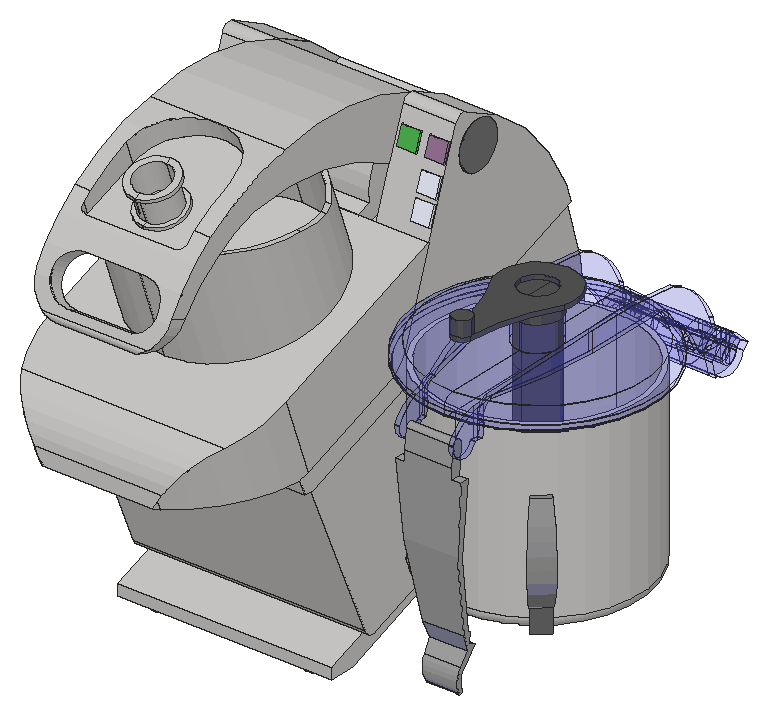
Revit family "QF_DITOSAMA_600437_DTRK70Y", category Specialty Equipment, Revit 2018
Family settings
  Round Connector Dimension = Use Diameter
  Part Type = Normal
  Work Plane-Based = No
  Always vertical = Yes
  Cut with Voids When Loaded = No
  Shared = No
  Room Calculation Point = No
Parameters (values of type "Standard")
  Weight = 28.00 kg
  Watts = 0 W
  Volts = 200 V
  URL Manufacturer = "http://www.ditosama.com"
  URL = "http://www.ditosama.com"
  Steam Supply Size = 0 mm
  Steam Supply Minimum Pressure = 0.0 Pa
  Steam Supply Maximum Pressure = 0.0 Pa
  Steam Pounds per Hour = 0
  Refrigeration Suction Line Size = 0 mm
  Refrigeration Liquid Line Size = 0 mm
  Refrigerant Compressor Remote = yes
  Manufacturer = "Dito Sama"
  Phase = 1
  Model = "DTRK70Y"
  Length Actual = 252 mm  # constant formula
  Item Number = "600437"
  Hot Water Size = 0 mm
  Height Actual = 505 mm  # constant formula
  HP = "2 HP"
  Gas Size = 0 mm
  Gas KW = 0
  Gas Input Pressure = 0 W
  Direct Waste Size = 0 mm
  Description = "CUTTER/SLICER 7L VARIAB.SPEED-1500W-200-240/1/50-60"
  Depth Actual = 485 mm  # constant formula
  Cycle = 50 Hz
  Condensate Return Size = 0 mm
  Compressed Air Volume = 0.0 L/s
  Compressed Air Size = 0 mm
  Compressed Air Pressure = 0.0 Pa
  Cold Water Size = 0 mm
  Accessory = yes
Reference planes
  plane 1 "Center (Front/Back)": y = 0
  plane 2: z = 0
  plane 3 "Center (Left/Right)": x = 0
  plane 4 "BASE": through (-1506.947, -1354.442, -482.669) normal (0, -0.342, 0.9397)
  plane 5 "TOP": z = 725
  plane 6 "FRONT": y = -250
  plane 7 "BACK": y = 250
  plane 8 "LEFT": x = -126
  plane 9 "RIGHT": x = 126
  plane 10 "BaseSup": through (4267.2, -355.454, 143.983) normal (0, -0.342, 0.9397)
  plane 11 "TopCylinder": z = 505
  plane 12 "panel": through (4267.2, 37.396, 376.789) normal (0, -0.9397, 0.342)
  plane 13 "TAN1": through (4267.2, -242.8, 386.84) normal (0, -0.868, 0.4965)
  plane 14 "cx": x = -4.392
  plane 15: z = 490
  plane 16: z = 685
  plane 17 "EI_1": z = 320
  plane 18: z = 224
  plane 19 "SupportOblique": through (4267.2, 163.975, 96.815) normal (0, 0.809, 0.5878)
  plane 20 "CX2": x = 350
Forms (mm)
  Extrusion 1, solid, material "QF_Finishes_Stainless Steel"
    sketch origin (0, 71.755, 29.173) x (0, 0.939693, 0.34202) y (0, -0.34202, 0.939693)
      loop
        line (196.964, 40) -> (-146.726, 40) -> (-150.519, 29.578) -> (-124.204, 20) -> (196.964, 20) -> (196.964, 40)
    from -114.1 to 114.1
  Extrusion 2, solid, material "QF_Finishes_Stainless Steel"
    sketch origin (0, 71.755, 29.173) x (0, 0.939693, 0.34202) y (0, -0.34202, 0.939693)
      loop
        arc (-117.754, 231.836) -> (-115.679, 141.222) -> (-107.501, 50.953) r 1344.145
        arc (-107.501, 50.953) -> (-103.371, 43.13) -> (-95.098, 40) r 12.5
        line (-95.098, 40) -> (191.415, 40)
        arc (191.415, 40) -> (200.799, 44.052) -> (207.001, 52.177) r 20.212
        arc (207.001, 52.177) -> (236.663, 139.796) -> (245.906, 231.836) r 409.593
        line (245.906, 231.836) -> (-117.754, 231.836)
    from -123.6 to 123.2
  Extrusion 3, solid, material "QF_Finishes_Stainless Steel"
    sketch origin (0, 71.755, 29.173) x (0, 0.939693, 0.34202) y (0, -0.34202, 0.939693)
      loop
        line (-117.754, 231.836) -> (250, 231.836) -> (250, 254)
        arc (250, 254) -> (225.127, 344.7) -> (167.861, 419.303) r 244.524
        arc (167.861, 419.303) -> (160.498, 421.774) -> (153.587, 418.23) r 10
        line (153.587, 418.23) -> (25.432, 265.5)
        arc (25.432, 265.5) -> (14.376, 257.016) -> (0.77, 254) r 32.194
        line (0.77, 254) -> (-128.224, 254) -> (-128.224, 236.946) -> (-117.754, 231.836)
    from -125 to 125
  Extrusion 4, void
    sketch origin (0, 71.755, 29.173) x (0, 0.939693, 0.34202) y (0, -0.34202, 0.939693)
      loop
        line (146.605, 338.403) -> (228.145, 338.403)
        arc (228.145, 338.403) -> (202.221, 381.996) -> (167.861, 419.303) r 244.524
        arc (167.861, 419.303) -> (160.498, 421.774) -> (153.587, 418.23) r 10
        line (153.587, 418.23) -> (72.34, 321.403) -> (146.605, 321.403) -> (146.605, 338.403)
    from -76.755 to 68.071
  Extrusion 5, solid, material "QF_Finishes_Stainless Steel"
    sketch origin (0, 71.755, 29.173) x (0, 0.939693, 0.34202) y (0, -0.34202, 0.939693)
      loop
        line (86.605, 338.403) -> (69.605, 321.403) -> (146.605, 321.403) -> (146.605, 338.403) -> (138.179, 338.403) -> (138.179, 369.367)
        arc (138.179, 369.367) -> (147.784, 373.474) -> (158.149, 372.174) r 19.987
        arc (158.149, 372.174) -> (156.791, 382.001) -> (162.888, 389.826) r 12.748
        arc (162.888, 389.826) -> (123.302, 374.774) -> (101.605, 338.403) r 64.447
        line (101.605, 338.403) -> (86.605, 338.403)
    from -65 to 50
  Extrusion 6, solid, material "QF_Finishes_Stainless Steel"
    sketch origin (539, 71.755, 29.173) x (0, -0.939693, -0.34202) y (0, -0.34202, 0.939693)
      loop
        circle (-169.102, 378.696) r 12.748
    from 489 to 604
  Extrusion 7, solid, material "QF_Finishes_Rubber Black"
    sketch origin (0, 71.755, 29.173) x (0, 0.939693, 0.34202) y (0, -0.34202, 0.939693)
      loop
        circle (169.102, 378.696) r 25
    from 125 to 126.6
  Extrusion 8, solid, material "QF_Finishes_Green"
    sketch origin (-10, -113.728, -38.42) x (0, -0.34202, -0.939693) y (1, 0, 0)
      loop
        line (-529.862, 82.865) -> (-509.862, 82.865) -> (-509.862, 102.865) -> (-529.862, 102.865) -> (-529.862, 82.865)
    from 0 to 1.6
  Extrusion 9, solid, material "QF_Finishes_Red"
    sketch origin (20, -113.728, -38.42) x (0, -0.34202, -0.939693) y (1, 0, 0)
      loop
        line (-529.862, 82.865) -> (-509.862, 82.865) -> (-509.862, 102.865) -> (-529.862, 102.865) -> (-529.862, 82.865)
    from 0 to 1.6
  Extrusion 10, solid, material "QF_Finishes_White"
    sketch origin (19.976, -149.421, -75.636) x (0, -0.34202, -0.939693) y (1, 0, 0)
      loop
        line (-521.192, 82.865) -> (-501.192, 82.865) -> (-501.192, 102.865) -> (-521.192, 102.865) -> (-521.192, 82.865)
    from 0 to 1.6
  Extrusion 11, solid, material "QF_Finishes_Rubber Black"
    sketch origin (-20, -293.925, 99.376) x (0, -1, 0) y (1, 0, 0)
      loop
        circle (-230.144, 103.748) r 10
      loop
        circle (-230.144, -61.252) r 10
    from 9.274 to 3.787
  Extrusion 12, void
    sketch origin (-20.94, 306.731, 139.428) x (-1, 0, 0) y (0, -0.34202, 0.939693)
      loop
        circle (-20.94, 196.093) r 10
    from -1.916 to -26.433
  Extrusion 13, solid, material "QF_Finishes_Stainless Steel"
    sketch origin (-20.94, 306.678, 139.573) x (-1, 0, 0) y (0, -0.34202, 0.939693)
      loop
        circle (-20.94, 195.939) r 9.999
    from -8.514 to -26.433
  Extrusion 14, solid, material "QF_Finishes_Stainless Steel"
    sketch origin (0, -15.119, 267.855) x (0, -0.939693, -0.34202) y (1, 0, 0)
      loop
        line (-86.605, -125) -> (117.754, -125)
        arc (117.754, -125) -> (182.577, -108.838) -> (232.224, -64.135) r 138.076
        arc (232.224, -64.135) -> (246.337, -33.516) -> (250, 0) r 104.824
        arc (250, 0) -> (246.337, 33.516) -> (232.224, 64.135) r 104.824
        arc (232.224, 64.135) -> (182.577, 108.838) -> (117.754, 125) r 138.076
        line (117.754, 125) -> (-86.605, 125) -> (-86.605, -125)
    from 0 to 84.403
  Extrusion 15, void
    sketch origin (0, 71.755, 29.173) x (0, 0.939693, 0.34202) y (0, -0.34202, 0.939693)
      loop
        line (-183.149, 338.403) -> (-263.395, 338.403) -> (-263.395, 254) -> (-128.224, 254) -> (-235.716, 293.124) -> (-229.509, 307.133)
        arc (-229.509, 307.133) -> (-211.109, 329.855) -> (-183.149, 338.403) r 50
      loop
        line (86.605, 338.403) -> (25.432, 265.5)
        arc (25.432, 265.5) -> (14.376, 257.016) -> (0.77, 254) r 32.194
        line (0.77, 254) -> (86.605, 254) -> (86.605, 338.403)
    from -156.555 to 144.79
  Extrusion 16, solid, material "QF_Finishes_Rubber Black"
    sketch origin (-20, -255.757, 37.007) x (0, -0.939693, -0.34202) y (1, 0, 0)
      loop
        circle (-230.144, 103.748) r 10
      loop
        circle (-230.144, -61.252) r 10
    from -1.968 to 3.787
  Extrusion 17, solid, material "QF_Finishes_Stainless Steel"
    sketch origin (0, 0, 0) x (0, 1, 0) y (0, 0, 1)
      loop
        arc (-237.987, 360.286) -> (-193.334, 422.101) -> (-125.907, 457.716) r 167.502
        arc (-125.907, 457.716) -> (-32.614, 457.202) -> (54.785, 424.565) r 266.494
        line (54.785, 424.565) -> (73.036, 474.711)
        arc (73.036, 474.711) -> (77.269, 479.853) -> (83.792, 481.198) r 10
        arc (83.792, 481.198) -> (1.801, 503.572) -> (-83.051, 498.734) r 263.981
        arc (-83.051, 498.734) -> (-135.605, 484.534) -> (-183.511, 458.675) r 236.13
        arc (-183.511, 458.675) -> (-222.818, 420.732) -> (-248.457, 372.49) r 174.407
        arc (-248.457, 372.49) -> (-249.83, 368.135) -> (-247.05, 364.513) r 4.945
        line (-247.05, 364.513) -> (-237.987, 360.286)
    from -76.755 to 68.071
  Extrusion 18, void
    sketch origin (0, -252.846, 369.279) x (0, -0.496521, -0.868025) y (1, 0, 0)
      loop
        line (-13.723, -36.755) -> (-13.723, 28.071)
        arc (-13.723, 28.071) -> (-38.723, 53.071) -> (-63.723, 28.071) r 25
        line (-63.723, 28.071) -> (-63.723, -36.755)
        arc (-63.723, -36.755) -> (-38.723, -61.755) -> (-13.723, -36.755) r 25
    from -148.493 to 7.125
  Extrusion 19, void
    sketch origin (0, -88.076, 32.057) x (0, -0.34202, -0.939693) y (1, 0, 0)
      loop
        line (-257.162, 68.071) -> (-297.162, 68.071)
        arc (-297.162, 68.071) -> (-268.878, 56.356) -> (-257.162, 28.071) r 40
        line (-257.162, 28.071) -> (-257.162, 68.071)
      loop
        line (-257.162, -76.755) -> (-257.162, -36.755)
        arc (-257.162, -36.755) -> (-268.878, -65.039) -> (-297.162, -76.755) r 40
        line (-297.162, -76.755) -> (-257.162, -76.755)
    from 233.374 to 280.473
  Extrusion 20, void
    sketch origin (0, -73.76, 246.511) x (0, -0.939693, -0.34202) y (1, 0, 0)
      loop
        spline (50.415, 43.499) -> (50.302, 44.538) -> (50.07, 45.551) -> (49.722, 46.523) -> (49.265, 47.436) -> (48.705, 48.278) -> (48.053, 49.034) -> (47.317, 49.692) -> (46.511, 50.241) -> (45.647, 50.674) -> (44.738, 50.981) -> (43.801, 51.16) -> (42.848, 51.221)
        line (42.848, 51.221) -> (-21.826, 51.221)
        arc (-21.826, 51.221) -> (-77.476, -4.429) -> (-21.826, -60.078) r 55.65
        line (-21.826, -60.078) -> (42.849, -60.064)
        spline (42.849, -60.064) -> (43.796, -60.017) -> (44.73, -59.836) -> (45.637, -59.525) -> (46.5, -59.088) -> (47.306, -58.532) -> (48.042, -57.867) -> (48.695, -57.103) -> (49.256, -56.253) -> (49.715, -55.331) -> (50.065, -54.351) -> (50.3, -53.329) -> (50.415, -52.283)
        line (50.415, -52.283) -> (50.415, 43.499)
    from 219.928 to 259.975
  Extrusion 21, void
    sketch origin (0, -87.856, 241.381) x (0, -0.939693, -0.34202) y (1, 0, 0)
      loop
        circle (-4.976, -4.429) r 22.5
    from 184.171 to 259.975
  Extrusion 22, solid, material "QF_Finishes_Stainless Steel"
    sketch origin (0, -57.13, 252.564) x (0, -0.939693, -0.34202) y (1, 0, 0)
      loop
        circle (-27.476, -4.429) r 100
      loop
        circle (-27.476, -4.429) r 95
    from 84.403 to 219.928
  Extrusion 23, void
    sketch origin (539, 0, 0) x (0, -1, 0) y (0, 0, 1)
      loop
        line (-7.229, 448.453) -> (38.883, 431.669) -> (53.883, 431.669) -> (97.232, 435.738) -> (172.232, 435.738) -> (200.5, 434.424) -> (12.562, 502.828) -> (-7.229, 448.453)
    from 424.9 to 664
  Revolve 24, solid, material "QF_Finishes_Stainless Steel"
    sketch origin (-4.392, 0, 0) x (0, 1, 0) y (0, 0, 1)
      loop
        line (-159.523, 452.833) -> (-177.266, 446.376) -> (-188.766, 477.973) -> (-195.199, 475.631) -> (-193.959, 472.225) -> (-189.261, 473.935) -> (-179, 445.744) -> (-183.698, 444.034) -> (-182.575, 440.948) -> (-179.543, 442.052) -> (-133.191, 314.7) -> (-112.048, 322.396) -> (-159.523, 452.833)
      axis (-112.048, 322.396) -> (-171.023, 484.431)
    angle from 0 to 360
  Extrusion 25, solid, material "QF_Door-Drawer Clearances", detail levels coarse
    sketch origin (0, -262.072, 735.095) x (0, -0.581279, -0.813704) y (0, 0.813704, -0.581279)
      loop
        arc (-237.987, 360.286) -> (-193.334, 422.101) -> (-125.907, 457.716) r 167.502
        arc (-125.907, 457.716) -> (-61.925, 460.915) -> (0.971, 448.753) r 266.494
        arc (0.971, 448.753) -> (-2.208, 475.472) -> (-2.432, 502.379) r 244.524
        arc (-2.432, 502.379) -> (-31.549, 503.211) -> (-60.594, 500.999) r 278.64
        arc (-60.594, 500.999) -> (-125.023, 488.463) -> (-183.511, 458.675) r 236.13
        arc (-183.511, 458.675) -> (-222.818, 420.732) -> (-248.457, 372.49) r 174.407
        arc (-248.457, 372.49) -> (-249.83, 368.135) -> (-247.05, 364.513) r 4.945
        line (-247.05, 364.513) -> (-237.987, 360.286)
    from -76.755 to 68.071
  Extrusion 26, solid, material "QF_Door-Drawer Clearances", detail levels coarse
    sketch origin (-4.392, 0, -55) x (0, 1, 0) y (0, 0, 1)
      loop
        arc (180.062, 780.324) -> (-149.234, 694.151) -> (-249.905, 368.994) r 350.321
        line (-249.905, 368.994) -> (-246.546, 377.767)
        arc (-246.546, 377.767) -> (-144.345, 691.9) -> (174.993, 776.44) r 345.321
        line (174.993, 776.44) -> (180.062, 780.324)
    from -60 to 60
  Extrusion 27, solid, material "QF_Finishes_Rubber Black"
    sketch origin (-20, -20.834, 122.512) x (0, -0.939693, -0.34202) y (1, 0, 0)
      loop
        circle (-230.144, 103.748) r 10
      loop
        circle (-230.144, -61.252) r 10
    from -1.968 to 3.787
  Extrusion 28, void
    sketch origin (-4.392, 0, 0) x (0, 1, 0) y (0, 0, 1)
      loop
        circle (163.975, 96.815) r 5.399
    from -121.608 to 130.392
  Sweep 29, solid, material "QF_Finishes_Stainless Steel"
    path origin (0, 153.361, 111.423) x (0, -0.587785, 0.809017) y (1, 0, 0)
      loop
        line (-133.401, 56) -> (-133.401, 112.5)
        arc (-133.401, 112.5) -> (-130.472, 119.571) -> (-123.401, 122.5) r 10
        line (-123.401, 122.5) -> (-28.058, 122.5)
        arc (-28.058, 122.5) -> (-20.987, 119.571) -> (-18.058, 112.5) r 10
        line (-18.058, 112.5) -> (-18.058, -112.5)
        arc (-18.058, -112.5) -> (-20.987, -119.571) -> (-28.058, -122.5) r 10
        line (-28.058, -122.5) -> (-123.401, -122.5)
        arc (-123.401, -122.5) -> (-130.472, -119.571) -> (-133.401, -112.5) r 10
        line (-133.401, -112.5) -> (-133.401, -56)
    profile origin (84.25, 231.772, 3.5) x (0, 0.587785, -0.809017) y (0, 0.809017, 0.587785)
      loop
        circle (0, 0) r 3.5
  Extrusion 30, void
    sketch origin (-4.392, 0, 0) x (0, 1, 0) y (0, 0, 1)
      loop
        line (50.281, 42.641) -> (71.708, 50.44) -> (64.376, 57.771) -> (50.281, 52.641) -> (50.281, 42.641)
    from -119.208 to -51.608
  Extrusion 31, void
    sketch origin (4.392, 0, 0) x (0, 1, 0) y (0, 0, -1)
      loop
        line (50.281, -42.641) -> (50.281, -52.641) -> (64.376, -57.771) -> (71.708, -50.44) -> (50.281, -42.641)
    from -119.208 to -51.608
  Extrusion 32, solid, material "QF_Door-Drawer Clearances", detail levels coarse
    sketch origin (350, -160.4, -17.118) x (0, -0.34202, -0.939693) y (0, -0.939693, 0.34202)
      loop
        line (-206.754, 118.191) -> (-331.133, -223.538)
        arc (-331.133, -223.538) -> (-241.482, -246.331) -> (-149.003, -248.426) r 409.593
        arc (-149.003, -248.426) -> (-139.246, -245.378) -> (-132.229, -237.945) r 20.212
        line (-132.229, -237.945) -> (-34.236, 31.289)
        arc (-34.236, 31.289) -> (-34.347, 40.134) -> (-40.286, 46.691) r 12.5
        arc (-40.286, 46.691) -> (-122.314, 85.249) -> (-206.754, 118.191) r 1344.145
    from -123.6 to 123.2
  Extrusion 33, solid, material "QF_Door-Drawer Clearances", detail levels coarse
    sketch origin (350, -160.4, -17.118) x (0, -0.34202, -0.939693) y (0, -0.939693, 0.34202)
      loop
        line (-134.127, -243.16) -> (-115.333, -250) -> (-5.487, 51.799) -> (-5.487, 79.803) -> (-16.578, 79.803) -> (-134.127, -243.16)
    from -114.1 to 114.1
  Extrusion 34, solid, material "QF_Door-Drawer Clearances", detail levels coarse
    sketch origin (330, -388.076, 105.131) x (0, -1, 0) y (1, 0, 0)
      loop
        circle (-230.144, 103.748) r 10
      loop
        circle (-230.144, -61.252) r 10
    from -1.968 to 3.787
  Extrusion 35, solid, material "QF_Door-Drawer Clearances", detail levels coarse
    sketch origin (330, -138.076, 105.131) x (0, -1, 0) y (1, 0, 0)
      loop
        circle (-230.144, 103.748) r 10
      loop
        circle (-230.144, -61.252) r 10
    from -1.968 to 3.787
  Extrusion 36, solid, material "QF_Door-Drawer Clearances", detail levels coarse
    sketch origin (0, 250, 0) x (-1, 0, 0) y (0, 0, 1)
      loop
        circle (-350, 200) r 10
    from -89.12 to -78.665
  Extrusion 37, solid, material "QF_Finishes_White"
    sketch origin (19.976, -140.87, -52.143) x (0, -0.34202, -0.939693) y (1, 0, 0)
      loop
        line (-521.192, 82.865) -> (-501.192, 82.865) -> (-501.192, 102.865) -> (-521.192, 102.865) -> (-521.192, 82.865)
    from 0 to 1.6
Cuts and joins
  Extrusion 4, Extrusion 19, Extrusion 20, Extrusion 21 cuts Extrusion 3
  Extrusion 15, Extrusion 19, Extrusion 20, Extrusion 21 cuts Extrusion 14
  Extrusion 18, Extrusion 19, Extrusion 20, Extrusion 21 cuts Extrusion 17
  Extrusion 12, Extrusion 20, Extrusion 21 cuts Extrusion 2
  Extrusion 23 cuts Extrusion 22
  Extrusion 28, Extrusion 30, Extrusion 31 cuts Extrusion 1
Lines and regions (mm)
  symbolic lines
    curve 1: line (-76.755, 170.4, 0) -> (-76.755, -235.217, 0)
    curve 2: line (68.071, -235.135, 0) -> (68.071, 170.4, 0)
    curve 3: line (-76.755, 83.792, 0) -> (68.071, 83.792, 0)
    curve 4: line (-76.755, 170.4, 0) -> (68.071, 170.4, 0)
    curve 5: line (68.071, -83.051, 0) -> (-76.755, -83.051, 0)
    curve 6: line (-60.078, -136.967, 0) -> (51.221, -136.967, 0)
    curve 7: line (-60.078, -128.47, 0) -> (-60.078, -194.06, 0)
    curve 8: line (51.221, -193.76, 0) -> (51.221, -128.47, 0)
    curve 9: spline (-52.282, -199.891, 0) -> (-53.276, -199.815, 0) -> (-54.25, -199.647, 0) -> (-55.19, -199.39, 0) -> (-56.081, -199.046, 0) -> (-56.909, -198.622, 0) -> (-57.663, -198.124, 0) -> (-58.331, -197.559, 0) -> (-58.902, -196.936, 0) -> (-59.369, -196.264, 0) -> (-59.724, -195.553, 0) -> (-59.961, -194.815, 0) -> (-60.078, -194.06, 0)
    curve 10: line (43.499, -199.901, 0) -> (-52.283, -199.901, 0)
    curve 11: spline (51.218, -193.76, 0) -> (51.156, -194.554, 0) -> (50.964, -195.333, 0) -> (50.645, -196.085, 0) -> (50.204, -196.798, 0) -> (49.648, -197.459, 0) -> (48.986, -198.058, 0) -> (48.229, -198.586, 0) -> (47.39, -199.033, 0) -> (46.483, -199.392, 0) -> (45.521, -199.658, 0) -> (44.521, -199.826, 0) -> (43.499, -199.893, 0)
    curve 12: spline (-4.392, -146.848, 0) -> (-11.05, -147.672, 0) -> (-17.255, -150.087, 0) -> (-22.583, -153.929, 0) -> (-26.672, -158.936, 0) -> (-29.242, -164.766, 0) -> (-30.119, -171.023, 0) -> (-29.242, -177.28, 0) -> (-26.672, -183.111, 0) -> (-22.583, -188.118, 0) -> (-17.255, -191.96, 0) -> (-11.05, -194.375, 0) -> (-4.392, -195.199, 0)
    curve 13: spline (-4.392, -195.199, 0) -> (2.267, -194.375, 0) -> (8.472, -191.96, 0) -> (13.8, -188.118, 0) -> (17.888, -183.111, 0) -> (20.459, -177.28, 0) -> (21.335, -171.023, 0) -> (20.459, -164.766, 0) -> (17.888, -158.936, 0) -> (13.8, -153.929, 0) -> (8.472, -150.087, 0) -> (2.267, -147.672, 0) -> (-4.392, -146.848, 0)
    curve 14: spline (-4.392, -188.766, 0) -> (-9.279, -188.162, 0) -> (-13.832, -186.389, 0) -> (-17.743, -183.569, 0) -> (-20.744, -179.895, 0) -> (-22.63, -175.616, 0) -> (-23.273, -171.023, 0) -> (-22.63, -166.431, 0) -> (-20.744, -162.152, 0) -> (-17.743, -158.477, 0) -> (-13.832, -155.658, 0) -> (-9.279, -153.885, 0) -> (-4.392, -153.281, 0)
    curve 15: spline (-4.392, -153.281, 0) -> (0.495, -153.885, 0) -> (5.049, -155.658, 0) -> (8.96, -158.477, 0) -> (11.96, -162.152, 0) -> (13.846, -166.431, 0) -> (14.49, -171.023, 0) -> (13.846, -175.616, 0) -> (11.96, -179.895, 0) -> (8.96, -183.569, 0) -> (5.049, -186.389, 0) -> (0.495, -188.162, 0) -> (-4.392, -188.766, 0)
    curve 16: spline (-22.254, -165.273, 0) -> (-20.617, -168.597, 0) -> (-18.289, -171.534, 0) -> (-15.368, -173.96, 0) -> (-11.98, -175.77, 0) -> (-8.268, -176.888, 0) -> (-4.392, -177.266, 0) -> (-0.515, -176.888, 0) -> (3.197, -175.77, 0) -> (6.585, -173.96, 0) -> (9.505, -171.534, 0) -> (11.834, -168.597, 0) -> (13.471, -165.273, 0)
    curve 17: spline (21.106, -162.743, 0) -> (21.02, -155.749, 0) -> (18.807, -149.071, 0) -> (14.651, -143.268, 0) -> (8.902, -138.825, 0) -> (2.04, -136.115, 0) -> (-5.361, -135.365, 0) -> (-12.68, -136.637, 0) -> (-19.306, -139.824, 0) -> (-24.683, -144.661, 0) -> (-28.361, -150.742, 0) -> (-30.034, -157.558, 0) -> (-29.559, -164.538, 0)
    curve 18: spline (15.591, -154.349, 0) -> (13.851, -150.277, 0) -> (11.185, -146.674, 0) -> (7.729, -143.723, 0) -> (3.657, -141.574, 0) -> (-0.824, -140.337, 0) -> (-5.485, -140.073, 0) -> (-10.091, -140.797, 0) -> (-14.408, -142.471, 0) -> (-18.216, -145.011, 0) -> (-21.322, -148.287, 0) -> (-23.569, -152.134, 0) -> (-24.843, -156.356, 0)
    curve 19: line (-36.755, -245.358, 0) -> (-36.755, -220.255, 0)
    curve 20: line (28.071, -220.255, 0) -> (28.071, -245.358, 0)
    curve 21: line (-36.755, -220.255, 0) -> (28.071, -220.255, 0)
    curve 22: line (-36.755, -231.961, 0) -> (28.071, -231.961, 0)
    curve 23: line (28.071, -245.358, 0) -> (-36.755, -245.358, 0)
    curve 24: arc (-36.755, -231.961, 0) -> (-47.346, -230.66, 0) -> (-57.309, -226.836, 0) r 43.78
    curve 25: arc (28.071, -231.961, 0) -> (38.611, -230.648, 0) -> (48.525, -226.836, 0) r 43.78
    curve 26: line (108.532, -216.09, 0) -> (68.016, -248.959, 0)
    curve 27: spline (108.532, -216.09, 0) -> (111.117, -211.341, 0) -> (113.492, -206.496, 0) -> (115.654, -201.564, 0) -> (117.598, -196.552, 0) -> (119.32, -191.469, 0) -> (120.82, -186.324, 0) -> (122.092, -181.125, 0) -> (123.137, -175.882, 0) -> (123.951, -170.603, 0) -> (124.533, -165.296, 0) -> (124.883, -159.972, 0) -> (125, -154.639, 0)
    curve 28: line (125, -154.639, 0) -> (125, 227.385, 0)
    curve 29: spline (63.971, -249.433, 0) -> (63.542, -249.481, 0) -> (63.11, -249.529, 0) -> (62.674, -249.577, 0) -> (62.235, -249.624, 0) -> (61.792, -249.672, 0) -> (61.346, -249.719, 0) -> (60.896, -249.766, 0) -> (60.442, -249.813, 0) -> (59.985, -249.86, 0) -> (59.525, -249.907, 0) -> (59.06, -249.954, 0) -> (58.593, -250, 0)
    curve 30: spline (68.016, -248.959, 0) -> (67.688, -248.999, 0) -> (67.358, -249.038, 0) -> (67.026, -249.078, 0) -> (66.693, -249.118, 0) -> (66.359, -249.157, 0) -> (66.022, -249.197, 0) -> (65.684, -249.236, 0) -> (65.345, -249.276, 0) -> (65.004, -249.315, 0) -> (64.661, -249.354, 0) -> (64.317, -249.394, 0) -> (63.971, -249.433, 0)
    curve 31: line (-68.016, -248.959, 0) -> (68.016, -248.959, 0)
    curve 32: line (-68.016, -248.959, 0) -> (-108.532, -216.09, 0)
    curve 33: spline (-63.971, -249.433, 0) -> (-64.317, -249.394, 0) -> (-64.661, -249.354, 0) -> (-65.004, -249.315, 0) -> (-65.345, -249.276, 0) -> (-65.684, -249.236, 0) -> (-66.022, -249.197, 0) -> (-66.359, -249.157, 0) -> (-66.693, -249.118, 0) -> (-67.026, -249.078, 0) -> (-67.358, -249.038, 0) -> (-67.688, -248.999, 0) -> (-68.016, -248.959, 0)
    curve 34: spline (-58.593, -250, 0) -> (-59.06, -249.954, 0) -> (-59.525, -249.907, 0) -> (-59.985, -249.86, 0) -> (-60.442, -249.813, 0) -> (-60.896, -249.766, 0) -> (-61.346, -249.719, 0) -> (-61.792, -249.672, 0) -> (-62.235, -249.624, 0) -> (-62.674, -249.577, 0) -> (-63.11, -249.529, 0) -> (-63.542, -249.481, 0) -> (-63.971, -249.433, 0)
    curve 35: line (-76.755, -235.217, 0) -> (-60.604, -248.457, 0)
    curve 36: spline (-125, -154.639, 0) -> (-124.883, -159.972, 0) -> (-124.533, -165.296, 0) -> (-123.951, -170.603, 0) -> (-123.137, -175.882, 0) -> (-122.092, -181.125, 0) -> (-120.82, -186.324, 0) -> (-119.32, -191.469, 0) -> (-117.598, -196.552, 0) -> (-115.654, -201.564, 0) -> (-113.492, -206.496, 0) -> (-111.117, -211.341, 0) -> (-108.532, -216.09, 0)
    curve 37: line (-125, 227.385, 0) -> (-125, -154.639, 0)
    curve 38: arc (-76.755, -160.023, 0) -> (-93.256, -130.498, 0) -> (-99.37, -97.232, 0) r 103.622
    curve 39: arc (-76.755, -168.026, 0) -> (-96.901, -135.101, 0) -> (-104.377, -97.232, 0) r 109.55
    curve 40: spline (-99.395, -97.232, 0) -> (-99.428, -93.546, 0) -> (-99.341, -89.86, 0) -> (-99.135, -86.178, 0) -> (-98.81, -82.506, 0) -> (-98.367, -78.845, 0) -> (-97.806, -75.201, 0) -> (-97.127, -71.576, 0) -> (-96.331, -67.976, 0) -> (-95.419, -64.402, 0) -> (-94.392, -60.86, 0) -> (-93.251, -57.352, 0) -> (-91.998, -53.883, 0)
    curve 41: arc (-91.998, -53.883, 0) -> (-88.614, -46.234, 0) -> (-84.624, -38.883, 0) r 103.541
    curve 42: spline (-84.624, -38.883, 0) -> (-84.026, -38.009, 0) -> (-83.417, -37.142, 0) -> (-82.798, -36.282, 0) -> (-82.167, -35.428, 0) -> (-81.527, -34.582, 0) -> (-80.876, -33.742, 0) -> (-80.214, -32.91, 0) -> (-79.543, -32.085, 0) -> (-78.861, -31.267, 0) -> (-78.169, -30.457, 0) -> (-77.467, -29.655, 0) -> (-76.755, -28.86, 0)
    curve 43: spline (-90.488, -38.883, 0) -> (-89.506, -37.356, 0) -> (-88.492, -35.846, 0) -> (-87.448, -34.355, 0) -> (-86.375, -32.883, 0) -> (-85.271, -31.43, 0) -> (-84.139, -29.997, 0) -> (-82.978, -28.585, 0) -> (-81.788, -27.193, 0) -> (-80.571, -25.823, 0) -> (-79.326, -24.476, 0) -> (-78.054, -23.15, 0) -> (-76.755, -21.847, 0)
    curve 44: arc (-97.398, -53.883, 0) -> (-94.227, -46.252, 0) -> (-90.488, -38.883, 0) r 109.406
    curve 45: spline (-104.397, -97.232, 0) -> (-104.428, -93.553, 0) -> (-104.346, -89.875, 0) -> (-104.151, -86.201, 0) -> (-103.844, -82.535, 0) -> (-103.425, -78.879, 0) -> (-102.894, -75.238, 0) -> (-102.252, -71.615, 0) -> (-101.499, -68.013, 0) -> (-100.637, -64.435, 0) -> (-99.665, -60.886, 0) -> (-98.585, -57.367, 0) -> (-97.398, -53.883, 0)
    curve 46: spline (-104.429, -60.179, 0) -> (-104.227, -54.213, 0) -> (-103.623, -48.272, 0) -> (-102.618, -42.379, 0) -> (-101.218, -36.558, 0) -> (-99.427, -30.832, 0) -> (-97.253, -25.224, 0) -> (-94.704, -19.758, 0) -> (-91.791, -14.454, 0) -> (-88.526, -9.335, 0) -> (-84.922, -4.421, 0) -> (-80.993, 0.268, 0) -> (-76.755, 4.714, 0)
    curve 47: line (-104.429, -60.179, 0) -> (-104.429, -91.125, 0)
    curve 48: line (-125, 37.396, 0) -> (-76.755, 37.396, 0)
    curve 49: line (-125, 227.385, 0) -> (125, 227.385, 0)
    curve 50: line (-125, 219.805, 0) -> (125, 219.805, 0)
    curve 51: line (-65, 113.885, 0) -> (50, 113.885, 0)
    curve 52: line (50, 113.885, 0) -> (50, 83.792, 0)
    curve 53: line (-65, 113.885, 0) -> (-65, 83.792, 0)
    curve 54: line (-65, 91.491, 0) -> (50, 91.491, 0)
    curve 55: line (50, 93.777, 0) -> (68.071, 93.777, 0)
    curve 56: line (-65, 93.777, 0) -> (-76.755, 93.777, 0)
    curve 57: line (72.865, 67.495, 0) -> (92.865, 67.495, 0)
    curve 58: line (72.865, 59.152, 0) -> (72.865, 67.495, 0)
    curve 59: line (92.865, 59.152, 0) -> (72.865, 59.152, 0)
    curve 60: line (92.865, 67.495, 0) -> (92.865, 59.152, 0)
    curve 61: line (102.865, 67.495, 0) -> (122.865, 67.495, 0)
    curve 62: line (102.865, 59.152, 0) -> (102.865, 67.495, 0)
    curve 63: line (122.865, 59.152, 0) -> (102.865, 59.152, 0)
    curve 64: line (122.865, 67.495, 0) -> (122.865, 59.152, 0)
    curve 65: line (102.841, 48.394, 0) -> (122.841, 48.394, 0)
    curve 66: line (102.841, 40.05, 0) -> (102.841, 48.394, 0)
    curve 67: line (122.841, 40.05, 0) -> (102.841, 40.05, 0)
    curve 68: line (122.841, 48.394, 0) -> (122.841, 40.05, 0)
    curve 69: line (92.865, 65.992, 0) -> (72.865, 65.992, 0)
    curve 70: line (122.865, 65.992, 0) -> (102.865, 65.992, 0)
    curve 71: line (122.841, 46.891, 0) -> (102.841, 46.891, 0)
    curve 72: line (-123.6, 250, 0) -> (123.2, 250, 0)
    curve 73: line (123.2, 227.385, 0) -> (123.2, 250, 0)
    curve 74: line (-123.6, 227.385, 0) -> (-123.6, 250, 0)
    curve 75: line (68.071, 37.396, 0) -> (125, 37.396, 0)
    curve 76: line (68.071, -235.135, 0) -> (51.82, -248.457, 0)
    curve 77: arc (68.071, -159.898, 0) -> (84.5, -130.423, 0) -> (90.587, -97.232, 0) r 103.622
    curve 78: arc (68.071, -167.913, 0) -> (88.145, -135.031, 0) -> (95.593, -97.232, 0) r 109.55
    curve 79: spline (90.612, -97.232, 0) -> (90.644, -93.546, 0) -> (90.558, -89.86, 0) -> (90.352, -86.178, 0) -> (90.027, -82.506, 0) -> (89.584, -78.845, 0) -> (89.022, -75.201, 0) -> (88.343, -71.576, 0) -> (87.547, -67.976, 0) -> (86.636, -64.402, 0) -> (85.609, -60.86, 0) -> (84.468, -57.352, 0) -> (83.214, -53.883, 0)
    curve 80: arc (83.214, -53.883, 0) -> (79.831, -46.234, 0) -> (75.841, -38.883, 0) r 103.541
    curve 81: spline (75.841, -38.883, 0) -> (75.25, -38.019, 0) -> (74.648, -37.162, 0) -> (74.036, -36.312, 0) -> (73.414, -35.468, 0) -> (72.781, -34.631, 0) -> (72.138, -33.801, 0) -> (71.485, -32.977, 0) -> (70.822, -32.161, 0) -> (70.149, -31.353, 0) -> (69.466, -30.551, 0) -> (68.774, -29.757, 0) -> (68.071, -28.97, 0)
    curve 82: spline (81.705, -38.883, 0) -> (80.729, -37.365, 0) -> (79.722, -35.865, 0) -> (78.685, -34.383, 0) -> (77.619, -32.92, 0) -> (76.523, -31.476, 0) -> (75.399, -30.051, 0) -> (74.246, -28.647, 0) -> (73.066, -27.263, 0) -> (71.857, -25.901, 0) -> (70.622, -24.56, 0) -> (69.36, -23.242, 0) -> (68.071, -21.946, 0)
    curve 83: arc (88.615, -53.883, 0) -> (85.443, -46.252, 0) -> (81.705, -38.883, 0) r 109.406
    curve 84: spline (95.614, -97.232, 0) -> (95.644, -93.553, 0) -> (95.562, -89.875, 0) -> (95.368, -86.201, 0) -> (95.061, -82.535, 0) -> (94.641, -78.879, 0) -> (94.111, -75.238, 0) -> (93.469, -71.615, 0) -> (92.716, -68.013, 0) -> (91.853, -64.435, 0) -> (90.882, -60.886, 0) -> (89.802, -57.367, 0) -> (88.615, -53.883, 0)
    curve 85: spline (95.645, -60.179, 0) -> (95.444, -54.225, 0) -> (94.842, -48.295, 0) -> (93.842, -42.413, 0) -> (92.446, -36.602, 0) -> (90.662, -30.886, 0) -> (88.496, -25.287, 0) -> (85.957, -19.829, 0) -> (83.055, -14.533, 0) -> (79.802, -9.421, 0) -> (76.21, -4.512, 0) -> (72.295, 0.173, 0) -> (68.071, 4.615, 0)
    curve 86: line (95.645, -60.179, 0) -> (95.645, -91.125, 0)
    curve 87: line (102.841, 56.945, 0) -> (122.841, 56.945, 0)
    curve 88: line (122.841, 55.441, 0) -> (102.841, 55.441, 0)
    curve 89: line (102.841, 56.945, 0) -> (102.841, 48.394, 0)
    curve 90: line (102.841, 48.601, 0) -> (122.841, 48.601, 0)
    curve 91: line (122.841, 48.601, 0) -> (122.841, 56.945, 0)
Dimensions and locks
  plane 5 "TOP" to level = 725 mm  (x2)
  plane 8 "LEFT" to plane 3 "Center (Left/Right)" to plane 9 "RIGHT" = 126 mm, 126 mm
  plane 7 "BACK" to plane 1 "Center (Front/Back)" to plane 6 "FRONT" = 250 mm, 250 mm
  plane 5 "TOP" to plane 2 = 725 mm
  plane 5 "TOP" to plane 11 "TopCylinder" = 220 mm
  plane 6 "FRONT" to plane 7 "BACK" = 500 mm
  plane 7 "BACK" to plane 6 "FRONT" = 500 mm
  plane 11 "TopCylinder" to level = 505 mm  (x2)
  plane 15 to level = 490 mm  (x2)
  plane 16 to level = 685 mm
  plane 17 "EI_1" to level = 320 mm
  plane 18 to level = 224 mm
  plane 16 to plane 2 = 685 mm
  plane 9 "RIGHT" to plane 8 "LEFT" = 252 mm
  aligned and locked: level to plane 2
Nested families
  nested 1: "QF_600438_BOWL" at (360, -39.665, -20.592), type "QF_600438_BOWL"
Connectors
  electrical at (0, 231.662, 320.783), driven by "Volts"
    settings: on Extrusion 13, index 1, voltage 200 V, apparent load 0 VA, apparent load phase1 0 VA, apparent load phase2 0 VA, apparent load phase3 0 VA, power factor 1, load classification "Other", number of poles 1, system type 30, power factor state 1, is connector primary yes, connector utility no, sub classification motor no, connector description "Electrical Connection"
Definition of nested family "QF_600438_BOWL"
  Reference planes
    plane 1 "Center (Front/Back)": y = 0
    plane 2: z = 0
    plane 3 "Center (Left/Right)": x = 0
    plane 4 "TOP": z = 705.4
    plane 5 "FRONT": y = -211
    plane 6 "BACK": y = 211
    plane 7 "LEFT": x = -128
    plane 8 "RIGHT": x = 128
    plane 9 "CenterX": x = -10
    plane 10 "Maniglia": through (-10, -59.177, 4000) normal (0.766, 0.6428, 0)
    plane 11 "Panel": through (4267.2, 107.252, 388.448) normal (0, 0.766, -0.6428)
    plane 12: z = 510
  Forms (mm)
    Revolve 1, solid
      sketch origin (-10, 0, 0) x (0, -1, 0) y (0, 0, 1)
        loop
          line (59.177, 490.527) -> (28.516, 490.527) -> (35.424, 483.619) -> (35.424, 470.527) -> (38.194, 470.527) -> (38.194, 356.104) -> (59.177, 356.104) -> (59.177, 490.527)
        axis (59.177, 356.104) -> (59.177, 490.527)
      angle from 0 to 360
    Extrusion 2, solid
      sketch origin (0, 0, 0) x (1, 0, 0) y (0, 1, 0)
        loop
          arc (-48.167, -71.147) -> (-28.951, -114.517) -> (-19.956, -161.093) r 210.055
          arc (-19.956, -161.093) -> (-10, -170.155) -> (-0.044, -161.093) r 10
          arc (-0.044, -161.093) -> (8.951, -114.517) -> (28.167, -71.147) r 210.055
          arc (28.167, -71.147) -> (-10, -19.177) -> (-48.167, -71.147) r 40
      from 490.527 to 495.013
    Extrusion 3, solid
      sketch origin (0, 0, 0) x (1, 0, 0) y (0, 1, 0)
        loop
          circle (-10, -160.155) r 10
      from 495.013 to 510.592
    Extrusion 4, void
      sketch origin (0, 0, 0) x (1, 0, 0) y (0, 1, 0)
        loop
          circle (-10, -59.177) r 19
      from 467.615 to 512.796
    Extrusion 5, void
      sketch origin (-20, 0, 0) x (-1, 0, 0) y (0, -1, 0)
        loop
          line (16.15, 177.864) -> (16.15, -123.86) -> (35.771, -123.86) -> (35.771, 48.192)
          arc (35.771, 48.192) -> (30.047, 105.502) -> (17.781, 161.776) r 500.876
          line (17.781, 161.776) -> (17.781, 171.776) -> (16.15, 177.864)
        loop
          line (40.771, -123.86) -> (45.852, -123.86) -> (45.852, 210.681) -> (21.15, 210.681) -> (21.15, 178.522) -> (22.781, 172.434) -> (22.781, 162.459)
          arc (22.781, 162.459) -> (35.047, 105.893) -> (40.771, 48.297) r 505.876
          line (40.771, 48.297) -> (40.771, -123.86)
      from 381.652 to 477.521
    Extrusion 6, solid
      sketch origin (-20, 0, 0) x (0, 1, 0) y (0, 0, -1)
        loop
          line (-173.064, -409.647) -> (-181.147, -409.647)
          arc (-181.147, -409.647) -> (-199.354, -399.982) -> (-210.844, -417.096) r 15.391
          arc (-210.844, -417.096) -> (-202.04, -429.372) -> (-189.058, -437.099) r 36.946
          arc (-189.058, -437.099) -> (-65.868, -463.241) -> (59.99, -458.888) r 518.061
          arc (59.99, -458.888) -> (92.246, -438.11) -> (113.023, -405.855) r 90.696
          arc (113.023, -405.855) -> (114.903, -399.662) -> (115.972, -393.28) r 50.278
          arc (115.972, -393.28) -> (121.968, -392.806) -> (127.203, -389.844) r 13.902
          arc (127.203, -389.844) -> (135.322, -382.188) -> (143.082, -374.167) r 242.898
          line (143.082, -374.167) -> (137.378, -368.464)
          arc (137.378, -368.464) -> (123.613, -353.84) -> (104.088, -358.543) r 20
          line (104.088, -358.543) -> (99.34, -358.543)
          arc (99.34, -358.543) -> (88.098, -393.587) -> (65.823, -422.884) r 108.872
          line (65.823, -422.884) -> (50.823, -422.884)
          arc (50.823, -422.884) -> (52.796, -423.701) -> (53.614, -425.674) r 2.79
          line (53.614, -425.674) -> (53.614, -430.892)
          arc (53.614, -430.892) -> (50.154, -439.244) -> (41.802, -442.703) r 11.812
          line (41.802, -442.703) -> (-160.307, -442.703)
          arc (-160.307, -442.703) -> (-168.659, -439.244) -> (-172.119, -430.892) r 11.812
          line (-172.119, -430.892) -> (-172.119, -425.826)
          arc (-172.119, -425.826) -> (-171.728, -424.361) -> (-170.659, -423.285) r 2.942
          line (-170.659, -423.285) -> (-173.064, -409.647)
        loop
          circle (117.901, -373.007) r 9.416
      from 16.15 to 45.852
    Extrusion 7, solid
      sketch origin (0, 0, 0) x (0, 1, 0) y (0, 0, 1)
        loop
          line (137.378, 368.464) -> (143.082, 374.167)
          arc (143.082, 374.167) -> (135.322, 382.188) -> (127.203, 389.844) r 242.898
          arc (127.203, 389.844) -> (116.931, 393.38) -> (107.252, 388.448) r 13.902
          line (107.252, 388.448) -> (95.766, 374.76)
          arc (95.766, 374.76) -> (97.862, 366.72) -> (99.34, 358.543) r 108.872
          line (99.34, 358.543) -> (104.088, 358.543)
          arc (104.088, 358.543) -> (123.613, 353.84) -> (137.378, 368.464) r 20
        loop
          circle (117.901, 373.007) r 9.416
      from -71.073 to 53.607
    Extrusion 8, solid
      sketch origin (0, 0, 0) x (0, 1, 0) y (0, 0, 1)
        loop
          arc (-182.273, 168.111) -> (-185.377, 178.111) -> (-182.273, 188.111) r 17.658
          line (-182.273, 188.111) -> (-169.592, 207.294) -> (-177.764, 211.104) -> (-177.764, 222.201) -> (-180.378, 224.815)
          arc (-180.378, 224.815) -> (-195.887, 307.452) -> (-195.295, 391.529) r 437.299
          line (-195.295, 391.529) -> (-193.232, 411.422)
          arc (-193.232, 411.422) -> (-197.69, 416.911) -> (-203.179, 412.454) r 5
          line (-203.179, 412.454) -> (-205.242, 392.56)
          arc (-205.242, 392.56) -> (-202.268, 306.332) -> (-185.461, 221.705) r 534.528
          line (-185.461, 221.705) -> (-177.764, 203.503) -> (-186.394, 190.943)
          arc (-186.394, 190.943) -> (-190.377, 178.111) -> (-186.394, 165.28) r 22.658
          arc (-186.394, 165.28) -> (-182.917, 164.635) -> (-182.273, 168.111) r 2.5
      from -49.646 to 27.326
    Extrusion 9, void
      sketch origin (0, -211, 0) x (-1, 0, 0) y (0, 0, 1)
        loop
          line (-15.15, 416.938) -> (-47.326, 416.938) -> (-47.326, 161.938) -> (-6.963, 161.938) -> (-24.508, 381.652) -> (-15.15, 381.652) -> (-15.15, 416.938)
        loop
          line (26.963, 161.938) -> (77.918, 161.938) -> (77.918, 416.938) -> (35.15, 416.938) -> (35.15, 381.652) -> (44.508, 381.652) -> (26.963, 161.938)
      from 46.08 to -69.339
    Extrusion 10, solid
      sketch origin (0, 0, 0) x (0, 1, 0) y (0, 0, 1)
        loop
          line (-173.064, 409.647) -> (-170.659, 423.285)
          arc (-170.659, 423.285) -> (-171.728, 424.361) -> (-172.119, 425.826) r 2.942
          line (-172.119, 425.826) -> (-172.119, 430.892)
          arc (-172.119, 430.892) -> (-168.659, 439.244) -> (-160.307, 442.703) r 11.812
          line (-160.307, 442.703) -> (41.802, 442.703)
          arc (41.802, 442.703) -> (50.154, 439.244) -> (53.614, 430.892) r 11.812
          line (53.614, 430.892) -> (53.614, 425.674)
          arc (53.614, 425.674) -> (52.796, 423.701) -> (50.823, 422.884) r 2.79
          line (50.823, 422.884) -> (65.823, 422.884)
          arc (65.823, 422.884) -> (88.098, 393.587) -> (99.34, 358.543) r 108.872
          line (99.34, 358.543) -> (104.088, 358.543)
          arc (104.088, 358.543) -> (123.613, 353.84) -> (137.378, 368.464) r 20
          line (137.378, 368.464) -> (143.082, 374.167)
          arc (143.082, 374.167) -> (135.322, 382.188) -> (127.203, 389.844) r 242.898
          arc (127.203, 389.844) -> (121.968, 392.806) -> (115.972, 393.28) r 13.902
          arc (115.972, 393.28) -> (114.903, 399.662) -> (113.023, 405.855) r 50.278
          arc (113.023, 405.855) -> (92.246, 438.11) -> (59.99, 458.888) r 90.696
          arc (59.99, 458.888) -> (-65.868, 463.241) -> (-189.058, 437.099) r 518.061
          arc (-189.058, 437.099) -> (-202.04, 429.372) -> (-210.844, 417.096) r 36.946
          arc (-210.844, 417.096) -> (-199.354, 399.982) -> (-181.147, 409.647) r 15.391
          line (-181.147, 409.647) -> (-173.064, 409.647)
        loop
          circle (117.901, 373.007) r 9.416
      from 16.15 to 45.852
    Extrusion 11, void
      sketch origin (0, 0, 0) x (1, 0, 0) y (0, 1, 0)
        loop
          line (16.15, -177.864) -> (17.781, -171.776) -> (17.781, -161.776)
          arc (17.781, -161.776) -> (30.047, -105.502) -> (35.771, -48.192) r 500.876
          line (35.771, -48.192) -> (35.771, 123.86) -> (16.15, 123.86) -> (16.15, -177.864)
        loop
          line (40.771, 123.86) -> (40.771, -48.297)
          arc (40.771, -48.297) -> (35.047, -105.893) -> (22.781, -162.459) r 505.876
          line (22.781, -162.459) -> (22.781, -172.434) -> (21.15, -178.522) -> (21.15, -210.681) -> (45.852, -210.681) -> (45.852, 123.86) -> (40.771, 123.86)
      from 381.652 to 477.521
    Revolve 12, solid
      sketch origin (-10, 0, 0) x (0, -1, 0) y (0, 0, 1)
        loop
          line (38.194, 422.884) -> (38.194, 470.527) -> (35.424, 470.527) -> (35.424, 442.703) -> (-53.802, 442.703)
          arc (-53.802, 442.703) -> (-62.213, 439.268) -> (-65.732, 430.892) r 11.871
          line (-65.732, 430.892) -> (-65.732, 425.793)
          arc (-65.732, 425.793) -> (-64.88, 423.736) -> (-62.823, 422.884) r 2.909
          line (-62.823, 422.884) -> (38.194, 422.884)
        axis (59.177, 422.884) -> (59.177, 470.527)
      angle from 0 to 360
    Revolve 13, solid
      sketch origin (-10, 0, 0) x (0, -1, 0) y (0, 0, 1)
        loop
          line (169.177, 422.884) -> (164.177, 422.884) -> (164.177, 237.884)
          arc (164.177, 237.884) -> (162.191, 233.09) -> (157.397, 231.104) r 6.78
          line (157.397, 231.104) -> (84.177, 231.104) -> (84.177, 356.104) -> (79.177, 356.104) -> (79.177, 226.104) -> (157.397, 226.104)
          arc (157.397, 226.104) -> (165.726, 229.554) -> (169.177, 237.884) r 11.78
          line (169.177, 237.884) -> (169.177, 422.884)
        axis (59.177, 422.884) -> (59.177, 226.104)
      angle from 0 to 360
    Extrusion 14, solid
      sketch origin (-49.423, -13.925, 0) x (0.634002, 0.773331, 0) y (-0.773331, 0.634002, 0)
        loop
          line (-55.497, -222.333) -> (-26.468, -227.794) -> (-20.635, -161.119)
          arc (-20.635, -161.119) -> (-28.727, -159.898) -> (-36.729, -158.185) r 133.529
          line (-36.729, -158.185) -> (-55.497, -222.333)
      from 226.104 to 356.104
    Revolve 15, void
      sketch origin (-35.007, -29.374, 0) x (-0.642788, 0.766044, 0) y (0, 0, 1)
        loop
          arc (-155.215, 337.579) -> (-171.344, 302.579) -> (-155.215, 267.579) r 46.04
          line (-155.215, 267.579) -> (-147.754, 267.579) -> (-147.754, 337.579) -> (-155.215, 337.579)
        loop
          line (-155.215, 356.104) -> (-147.754, 356.104) -> (-147.754, 361.761) -> (-215.215, 361.761) -> (-215.215, 226.104) -> (-147.754, 226.104) -> (-147.754, 256.485) -> (-163.93, 256.485)
          arc (-163.93, 256.485) -> (-184.453, 308.471) -> (-155.215, 356.104) r 62.537
        axis (10, 361.761) -> (10, 226.104)
      angle from -8.217 to 8.652
    Extrusion 16, solid
      sketch origin (0, 0, 0) x (1, 0, 0) y (0, 1, 0)
        loop
          arc (57.446, -154.071) -> (64.931, -148.135) -> (72.061, -141.775) r 165.215
          line (72.061, -141.775) -> (66.401, -136.116)
          arc (66.401, -136.116) -> (59.824, -141.977) -> (52.928, -147.46) r 157.215
          line (52.928, -147.46) -> (57.446, -154.071)
      from 226.104 to 256.485
    Revolve 17, solid, detail levels coarse
      sketch origin (-10, -235.136, 499.949) x (0, 0, 1) y (0, 1, 0)
        loop
          line (59.177, 490.527) -> (28.516, 490.527) -> (35.424, 483.619) -> (35.424, 470.527) -> (38.194, 470.527) -> (38.194, 442.703) -> (59.177, 442.703) -> (59.177, 490.527)
        axis (59.177, 442.703) -> (59.177, 490.527)
      angle from 0 to 360
    Extrusion 18, solid, detail levels coarse
      sketch origin (0, -235.136, 499.949) x (1, 0, 0) y (0, 0, -1)
        loop
          arc (-48.167, -71.147) -> (-28.951, -114.517) -> (-19.956, -161.093) r 210.055
          arc (-19.956, -161.093) -> (-10, -170.155) -> (-0.044, -161.093) r 10
          arc (-0.044, -161.093) -> (8.951, -114.517) -> (28.167, -71.147) r 210.055
          arc (28.167, -71.147) -> (-10, -19.177) -> (-48.167, -71.147) r 40
      from 490.527 to 495.013
    Extrusion 19, solid, detail levels coarse
      sketch origin (0, -235.136, 499.949) x (1, 0, 0) y (0, 0, -1)
        loop
          circle (-10, -160.155) r 10
      from 495.013 to 510.592
    Extrusion 20, void
      sketch origin (-20, -221.856, 479.359) x (-1, 0, 0) y (0, 0, 1)
        loop
          line (16.15, 177.864) -> (16.15, -123.86) -> (35.771, -123.86) -> (35.771, 48.192)
          arc (35.771, 48.192) -> (30.047, 105.502) -> (17.781, 161.776) r 500.876
          line (17.781, 161.776) -> (17.781, 171.776) -> (16.15, 177.864)
        loop
          line (40.771, -123.86) -> (45.852, -123.86) -> (45.852, 217.003) -> (21.15, 217.003) -> (21.15, 178.522) -> (22.781, 172.434) -> (22.781, 162.459)
          arc (22.781, 162.459) -> (35.047, 105.893) -> (40.771, 48.297) r 505.876
          line (40.771, 48.297) -> (40.771, -123.86)
      from 350.345 to 477.521
    Extrusion 21, solid, detail levels coarse
      sketch origin (-20, -235.136, 499.949) x (0, 0, -1) y (0, -1, 0)
        loop
          line (-173.064, -409.647) -> (-181.303, -409.647)
          arc (-181.303, -409.647) -> (-196.341, -401.818) -> (-205.451, -416.117) r 12.548
          arc (-205.451, -416.117) -> (-199.87, -428.651) -> (-189.058, -437.099) r 28.357
          arc (-189.058, -437.099) -> (-65.868, -463.241) -> (59.99, -458.888) r 518.061
          arc (59.99, -458.888) -> (92.246, -438.11) -> (113.023, -405.855) r 90.696
          arc (113.023, -405.855) -> (114.903, -399.662) -> (115.972, -393.28) r 50.278
          arc (115.972, -393.28) -> (121.968, -392.806) -> (127.203, -389.844) r 13.902
          arc (127.203, -389.844) -> (130.645, -386.684) -> (134.025, -383.459) r 242.898
          arc (134.025, -383.459) -> (118.878, -371.582) -> (104.72, -358.543) r 242.898
          line (104.72, -358.543) -> (99.34, -358.543)
          arc (99.34, -358.543) -> (88.098, -393.587) -> (65.823, -422.884) r 108.872
          line (65.823, -422.884) -> (50.823, -422.884)
          arc (50.823, -422.884) -> (52.796, -423.701) -> (53.614, -425.674) r 2.79
          line (53.614, -425.674) -> (53.614, -430.892)
          arc (53.614, -430.892) -> (50.154, -439.244) -> (41.802, -442.703) r 11.812
          line (41.802, -442.703) -> (-160.307, -442.703)
          arc (-160.307, -442.703) -> (-168.659, -439.244) -> (-172.119, -430.892) r 11.812
          line (-172.119, -430.892) -> (-172.119, -425.826)
          arc (-172.119, -425.826) -> (-171.728, -424.361) -> (-170.659, -423.285) r 2.942
          line (-170.659, -423.285) -> (-173.064, -409.647)
      from 16.15 to 45.852
    Extrusion 22, void
      sketch origin (0, -221.856, 479.359) x (1, 0, 0) y (0, 0, -1)
        loop
          line (16.15, -177.864) -> (17.781, -171.776) -> (17.781, -161.776)
          arc (17.781, -161.776) -> (30.047, -105.502) -> (35.771, -48.192) r 500.876
          line (35.771, -48.192) -> (35.771, 123.86) -> (16.15, 123.86) -> (16.15, -177.864)
        loop
          line (40.771, 123.86) -> (40.771, -48.297)
          arc (40.771, -48.297) -> (35.047, -105.893) -> (22.781, -162.459) r 505.876
          line (22.781, -162.459) -> (22.781, -172.434) -> (21.15, -178.522) -> (21.15, -217.003) -> (45.852, -217.003) -> (45.852, 123.86) -> (40.771, 123.86)
      from 350.345 to 477.521
    Extrusion 23, solid, detail levels coarse
      sketch origin (0, -235.136, 499.949) x (0, 0, -1) y (0, 1, 0)
        loop
          line (-173.064, 409.647) -> (-170.659, 423.285)
          arc (-170.659, 423.285) -> (-171.728, 424.361) -> (-172.119, 425.826) r 2.942
          line (-172.119, 425.826) -> (-172.119, 430.892)
          arc (-172.119, 430.892) -> (-168.659, 439.244) -> (-160.307, 442.703) r 11.812
          line (-160.307, 442.703) -> (41.802, 442.703)
          arc (41.802, 442.703) -> (50.154, 439.244) -> (53.614, 430.892) r 11.812
          line (53.614, 430.892) -> (53.614, 425.674)
          arc (53.614, 425.674) -> (52.796, 423.701) -> (50.823, 422.884) r 2.79
          line (50.823, 422.884) -> (65.823, 422.884)
          arc (65.823, 422.884) -> (88.098, 393.587) -> (99.34, 358.543) r 108.872
          line (99.34, 358.543) -> (104.72, 358.543)
          arc (104.72, 358.543) -> (118.878, 371.582) -> (134.025, 383.459) r 242.898
          arc (134.025, 383.459) -> (130.645, 386.684) -> (127.203, 389.844) r 242.898
          arc (127.203, 389.844) -> (121.968, 392.806) -> (115.972, 393.28) r 13.902
          arc (115.972, 393.28) -> (114.903, 399.662) -> (113.023, 405.855) r 50.278
          arc (113.023, 405.855) -> (92.246, 438.11) -> (59.99, 458.888) r 90.696
          arc (59.99, 458.888) -> (-65.868, 463.241) -> (-189.058, 437.099) r 518.061
          arc (-189.058, 437.099) -> (-199.87, 428.651) -> (-205.451, 416.117) r 28.357
          arc (-205.451, 416.117) -> (-196.341, 401.818) -> (-181.303, 409.647) r 12.548
          line (-181.303, 409.647) -> (-173.064, 409.647)
      from 16.15 to 45.852
    Revolve 24, solid, detail levels coarse
      sketch origin (-10, -235.136, 499.949) x (0, 0, 1) y (0, 1, 0)
        loop
          line (38.194, 422.884) -> (38.194, 470.527) -> (35.424, 470.527) -> (35.424, 442.703) -> (-53.802, 442.703)
          arc (-53.802, 442.703) -> (-62.213, 439.268) -> (-65.732, 430.892) r 11.871
          line (-65.732, 430.892) -> (-65.732, 425.793)
          arc (-65.732, 425.793) -> (-64.88, 423.736) -> (-62.823, 422.884) r 2.909
          line (-62.823, 422.884) -> (38.194, 422.884)
        axis (59.177, 422.884) -> (59.177, 470.527)
      angle from 0 to 360
    Extrusion 25, void
      sketch origin (0, 0, 0) x (0, 1, 0) y (0, 0, 1)
        loop
          line (-210.681, 417.459) -> (-211.654, 417.459) -> (-211.654, 411.793) -> (-210.681, 411.793) -> (-210.681, 417.459)
      from -41.15 to -65.852
    Extrusion 26, void
      sketch origin (0, 0, 0) x (0, 1, 0) y (0, 0, 1)
        loop
          line (-210.681, 417.459) -> (-211.654, 417.459) -> (-211.654, 411.793) -> (-210.681, 411.793) -> (-210.681, 417.459)
      from 21.15 to 45.852
  Cuts and joins
    Extrusion 4 cuts Extrusion 2
    Extrusion 5, Extrusion 11, Extrusion 20, Extrusion 22, Extrusion 25 cuts Extrusion 6
    Extrusion 9, Extrusion 11, Extrusion 20 cuts Extrusion 8
    Extrusion 11, Extrusion 20, Extrusion 22 cuts Extrusion 7
    Extrusion 11, Extrusion 26 cuts Extrusion 10
    Revolve 15 cuts Extrusion 14
    Extrusion 20 cuts Revolve 12
    Extrusion 20 cuts Revolve 13
    Extrusion 20, Extrusion 22 cuts Extrusion 21
    Extrusion 22 cuts Extrusion 23
  Lines and regions (mm)
    symbolic lines
      curve 1: arc (-10, -172.155, 0) -> (3.999, -171.284, 0) -> (17.781, -168.686, 0) r 112.979
      curve 2: arc (-10, -184.085, 0) -> (-23.148, -183.391, 0) -> (-36.15, -181.317, 0) r 124.909
      curve 3: line (128, -157.764, 0) -> (128, 191, 0)
      curve 4: line (124.8, 106.204, 0) -> (59.066, 106.204, 0)
      curve 5: line (102.599, 90.494, 0) -> (117.599, 90.494, 0)
      curve 6: line (117.599, 87.22, 0) -> (102.599, 87.22, 0)
      curve 7: line (102.599, 76.352, 0) -> (117.599, 76.352, 0)
      curve 8: line (117.599, 73.078, 0) -> (102.599, 73.078, 0)
      curve 9: line (102.599, 62.211, 0) -> (117.599, 62.211, 0)
      curve 10: line (117.599, 58.937, 0) -> (102.599, 58.937, 0)
      curve 11: line (102.599, 48.07, 0) -> (117.599, 48.07, 0)
      curve 12: line (102.599, 58.937, 0) -> (102.599, 48.07, 0)
      curve 13: line (117.599, 48.07, 0) -> (117.599, 58.937, 0)
      curve 14: line (117.599, 62.211, 0) -> (117.599, 73.078, 0)
      curve 15: line (102.599, 73.078, 0) -> (102.599, 62.211, 0)
      curve 16: line (102.599, 87.22, 0) -> (102.599, 76.352, 0)
      curve 17: line (117.599, 76.352, 0) -> (117.599, 87.22, 0)
      curve 18: line (117.599, 90.494, 0) -> (117.599, 101.361, 0)
      curve 19: line (102.599, 101.361, 0) -> (102.599, 90.494, 0)
      curve 20: arc (-0.044, -161.093, 0) -> (8.951, -114.517, 0) -> (28.167, -71.147, 0) r 210.055
      curve 21: arc (28.167, -71.147, 0) -> (-10, -19.177, 0) -> (-48.167, -71.147, 0) r 40
      curve 22: arc (-48.167, -71.147, 0) -> (-28.951, -114.517, 0) -> (-19.956, -161.093, 0) r 210.055
      curve 23: arc (-19.956, -161.093, 0) -> (-10, -170.155, 0) -> (-0.044, -161.093, 0) r 10
      curve 24: arc (0, -160.155, 0) -> (-10, -150.155, 0) -> (-20, -160.155, 0) r 10
      curve 25: arc (-55.771, -48.192, 0) -> (-50.047, -105.502, 0) -> (-37.781, -161.776, 0) r 500.876
      curve 26: arc (-42.781, -162.459, 0) -> (-55.047, -105.893, 0) -> (-60.771, -48.297, 0) r 505.876
      curve 27: line (-55.771, 123.86, 0) -> (-55.771, -48.192, 0)
      curve 28: line (-60.771, -48.297, 0) -> (-60.771, 123.86, 0)
      curve 29: line (40.771, 123.86, 0) -> (40.771, -48.297, 0)
      curve 30: line (35.771, -48.192, 0) -> (35.771, 123.86, 0)
      curve 31: arc (40.771, -48.297, 0) -> (35.047, -105.893, 0) -> (22.781, -162.459, 0) r 505.876
      curve 32: arc (17.781, -161.776, 0) -> (30.047, -105.502, 0) -> (35.771, -48.192, 0) r 500.876
      curve 33: line (22.781, -162.459, 0) -> (22.781, -172.434, 0)
      curve 34: line (17.781, -171.776, 0) -> (17.781, -161.776, 0)
      curve 35: line (16.15, -177.864, 0) -> (17.781, -171.776, 0)
      curve 36: line (22.781, -172.434, 0) -> (21.15, -178.522, 0)
      curve 37: line (21.15, -178.522, 0) -> (21.15, -211, 0)
      curve 38: line (-37.781, -161.776, 0) -> (-37.781, -171.776, 0)
      curve 39: line (-42.781, -172.434, 0) -> (-42.781, -162.459, 0)
      curve 40: line (-41.15, -178.522, 0) -> (-42.781, -172.434, 0)
      curve 41: line (-37.781, -171.776, 0) -> (-36.15, -177.864, 0)
      curve 42: line (-41.15, -211, 0) -> (-41.15, -178.522, 0)
      curve 43: spline (22.008, -197.61, 0) -> (21.937, -197.617, 0) -> (21.865, -197.622, 0) -> (21.794, -197.626, 0) -> (21.722, -197.627, 0) -> (21.651, -197.627, 0) -> (21.579, -197.625, 0) -> (21.508, -197.621, 0) -> (21.436, -197.615, 0) -> (21.365, -197.608, 0) -> (21.293, -197.598, 0) -> (21.222, -197.587, 0) -> (21.15, -197.574, 0)
      curve 44: line (-71.073, 171.51, 0) -> (53.607, 171.51, 0)
      curve 45: line (59.066, 46.214, 0) -> (124.8, 46.214, 0)
      curve 46: line (59.066, 106.204, 0) -> (59.066, 46.214, 0)
      curve 47: line (124.8, 46.214, 0) -> (124.8, 107.429, 0)
      curve 48: line (53.607, 48.324, 0) -> (53.607, 171.51, 0)
      curve 49: line (-71.073, 171.51, 0) -> (-71.073, 49.783, 0)
      curve 50: arc (40.771, 54.948, 0) -> (114.476, -69.566, 0) -> (21.15, -180.138, 0) r 124.909
      curve 51: arc (-60.771, 41.751, 0) -> (-122.562, -68.863, 0) -> (-42.781, -167.295, 0) r 112.979
      curve 52: line (93.154, -162.392, 0) -> (78.293, -147.531, 0)
      curve 53: line (93.154, -162.392, 0) -> (74.048, -178.424, 0)
      curve 54: line (74.048, -178.424, 0) -> (61.96, -161.274, 0)
      curve 55: arc (-37.781, -168.686, 0) -> (-23.999, -171.284, 0) -> (-10, -172.155, 0) r 112.979
      curve 56: arc (-41.15, -180.138, 0) -> (-94.625, -151.05, 0) -> (-128, -100.142, 0) r 124.909
      curve 57: arc (22.781, -167.295, 0) -> (102.562, -68.863, 0) -> (40.771, 41.751, 0) r 112.979
      curve 58: arc (16.15, -181.317, 0) -> (3.148, -183.391, 0) -> (-10, -184.085, 0) r 124.909
      curve 59: line (16.15, -211, 0) -> (16.15, -177.864, 0)
      curve 60: line (-36.15, -211, 0) -> (-36.15, -177.864, 0)
      curve 61: line (-41.15, -211, 0) -> (21.15, -211, 0)
      curve 62: line (22.008, -210.888, 0) -> (22.008, -197.61, 0)
      curve 63: spline (-42.008, -197.61, 0) -> (-41.937, -197.617, 0) -> (-41.865, -197.622, 0) -> (-41.794, -197.626, 0) -> (-41.722, -197.627, 0) -> (-41.651, -197.627, 0) -> (-41.579, -197.625, 0) -> (-41.508, -197.621, 0) -> (-41.436, -197.615, 0) -> (-41.365, -197.608, 0) -> (-41.293, -197.598, 0) -> (-41.222, -197.587, 0) -> (-41.15, -197.574, 0)
      curve 64: line (-42.008, -210.888, 0) -> (-42.008, -197.61, 0)
